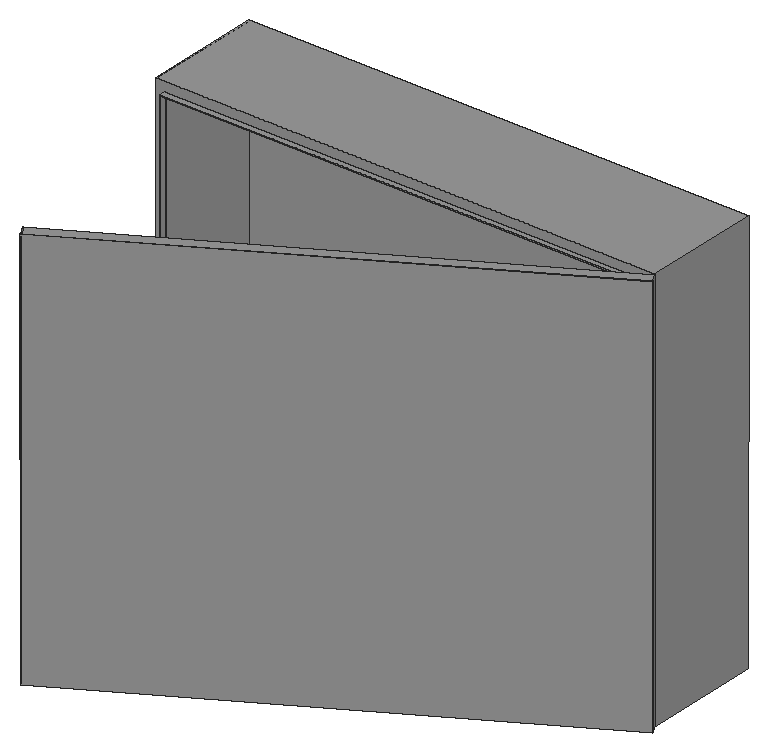
Revit family "Hager-Univers-IP44-D205-H650-Cl.II-Encl-NoHosted-BE-en", category Equipement électrique, Revit 2020
Family settings
  Configuration du panneau = Deux colonnes, circuits au sein
  Cote de connecteur circulaire = Utiliser le diamètre
  Type d'élément = Tableau de raccordement
  Basée sur le plan de construction = Oui
  Toujours verticalement = Oui
  Couper avec des vides une fois chargée = Non
  Partagée = Non
  Point de calcul de pièce = Non
Parameters (values of type "Surface mounted (plaster) IP44 W800 H650 D205  - FP43QS")
  Width Control [instance] = if([EF000008 - Width] > Min Width, [EF000008 - Width], Min Width)  # 800 mm
  Commentaires du type = [HG000003 - Range]  # "Univers"
  Thickness Door [instance] = if([EF009171 - Material plate thickness door/cover] > 3 mm, 3 mm, [EF009171 - Material plate thickness door/cover])  # 1 mm
  Seal Frame Offset [instance] = 17 mm  # constant formula
  Plinth Visibility [instance] = [HG000027 - Plinth height] > 0 mm  # no
  Min Width [instance] = 100 mm  # constant formula
  Min Depth [instance] = (2 * [EF009170 - Material plate thickness cabinet]) + 1 mm  # 3 mm
  Min Height [instance] = 100 mm  # constant formula
  Internal Frame Depth [instance] = (Door System Depth * 0.5)  # 9 mm
  Panel Name [instance] = ""  # (empty or 0)
  Model = ""
  HG000027 - Plinth height = 0 mm
  HG000026 - Floor standing = no
  HG000024 - Bottom section height = 600 mm
  HG000023 - Double section enclosure = no
  HG000016 - Door 3d visibility [instance] = yes
  HG000015 - Clearance visibility [instance] = no
  HG000014 - Door on the right [instance] = yes
  HG000013 - Door on the left [instance] = not([HG000014 - Door on the right])  # no
  HG000012 - Door swing angle [instance] = 30.00°
  HG000010 - Asymmetric doors = no
  HG000009 - Double swing door = no
  HG000006 - Flush mounted = no
  HG000004 - Manufacturer reference = "FP43QS"
  HG000003 - Range = "Univers"
  HG000002 - With door or cover = yes
  Frame Offset Bottom [instance] = 10 mm  # constant formula
  Frame Offset [instance] = 15 mm  # constant formula
  EF015940 - Cover with overpressure release = no
  EF011959 - Degree of protection (NEMA) = ""
  EF009554 - Number of openings for flange plates = 6
  EF009212 - Cover model = "EV000116 - Closed"
  EF009171 - Material plate thickness door/cover = 1 mm
  EF009170 - Material plate thickness cabinet = 1 mm
  EF008873 - Nominal current (In) = 250 A
  EF007800 - Suitable for lightning protection = no
  EF006306 - With lock = no
  EF006244 - Transparent cover/door = no
  EF005474 - Degree of protection (IP) = "EV006418 - IP44"
  EF004464 - Type of door = "EV002646 - Single"
  EF004427 - Number of modules = 144
  EF004293 - Impact strength = "EV006815 - IK09"
  EF003532 - Suitable for outdoor use = no
  EF002950 - Width in number of modular spacings = 36
  EF001613 - Circuit integrity = "EV000494 - None"
  EF001596 - Material housing = "EV000179 - Steel"
  EF001131 - Internal depth = 143 mm
  EF001088 - Extension possible = yes
  EF000437 - Number of conduit inlets = 6
  EF000339 - Type of cover = "EV001012 - Cover"
  EF000266 - Number of rows = 4
  EF000218 - Built-in depth = 0 mm
  EF000118 - With mounting plate = no
  EF000116 - RAL-number = "9010"
  EF000049 - Depth = 205 mm
  EF000040 - Height = 650 mm
  EF000008 - Width = 800 mm
  EF000007 - Colour = "EV000202 - White"
  EF000003 - Mounting method = "EV000384 - Surface mounted (plaster)"
  Door System Leaf Tolerance [instance] = 1.5 mm  # constant formula
  Door System Depth [instance] = 18 mm  # constant formula
  Door Height [instance] = Height Control - [HG000027 - Plinth height]  # 650 mm
  Description = ""
  Default Elevation = 1219.2 mm
  Connector Offset [instance] = Height Control / 2  # 325 mm
  Fabricant = "Hager"  # constant formula
  Height Control [instance] = if([EF000040 - Height] > Min Height, [EF000040 - Height], Min Height)  # 650 mm
  Depth Control [instance] = if([EF000049 - Depth] > Min Depth, [EF000049 - Depth], Min Depth)  # 205 mm
  Bottom Top Plate Trim [instance] = 1.5 mm  # constant formula
  Plinth height Ctrl [instance] = if([HG000027 - Plinth height] > 0 mm, [HG000027 - Plinth height], 12 mm)  # 12 mm
Types (5, lengths in mm): name | Width Control | HG000009 - Double swing door | HG000004 - Manufacturer reference | EF009554 - Number of openings for flange plates | EF004464 - Type of door | EF004427 - Number of modules | EF002950 - Width in number of modular spacings | EF000437 - Number of conduit inlets | EF000008 - Width
  Surface mounted (plaster) IP44 W1050 H650 D205  - FP44QS | 1050 | yes | "FP44QS" | 8 | "EV003602 - Double" | 192 | 48 | 8 | 1050
  Surface mounted (plaster) IP44 W1300 H650 D205  - FP45QS | 1300 | yes | "FP45QS" | 10 | "EV003602 - Double" | 240 | 60 | 10 | 1300
  Surface mounted (plaster) IP44 W300 H650 D205  - FP41QS | 300 | no | "FP41QS" | 2 | "EV002646 - Single" | 48 | 12 | 2 | 300
  Surface mounted (plaster) IP44 W550 H650 D205  - FP42QS | 550 | no | "FP42QS" | 4 | "EV002646 - Single" | 96 | 24 | 4 | 550
  Surface mounted (plaster) IP44 W800 H650 D205  - FP43QS | 800 | no | "FP43QS" | 6 | "EV002646 - Single" | 144 | 36 | 6 | 800
Reference planes
  plane 1 "Center (Front/Back)": y = 0
  plane 2: z = 0
  plane 3 "Center (Left/Right)": x = 0
  plane 4: y = 0
  plane 5: y = 0
  plane 6: z = 0
  plane 7: x = -400
  plane 8: x = 400
  plane 9: x = 399
  plane 10: x = -399
  plane 11: z = 0
  plane 12: z = 1
  plane 13: y = -205
  plane 14: y = -1
  plane 15: x = 0
  plane 16: y = -187
  plane 17: y = -204
  plane 18: y = -186
  plane 19: x = -384
  plane 20: x = 384
  plane 21: z = 11
  plane 22: x = -383
  plane 23: x = 383
  plane 24: z = 0
  plane 25: z = 650
  plane 26: z = 650
  plane 27: z = 634
  plane 28: z = 649
Forms (mm)
  Extrusion 1, solid, material "Hager_Steel_RAL7035_Light_Grey", detail levels medium+fine
    sketch origin (-208.679, -4572, 0) x (-1, 0, 0) y (0, -1, 0)
      loop
        line (191.321, -4385) -> (-608.679, -4385) -> (-608.679, -4572) -> (191.321, -4572) -> (191.321, -4385)
    from 0 to 650
  Extrusion 2, void
    sketch origin (-350.771, -205, 1219.2) x (1, 0, 0) y (0, 0, 1)
      loop
        line (-48.229, -570.2) -> (-48.229, -1218.2) -> (749.771, -1218.2) -> (749.771, -570.2) -> (-48.229, -570.2)
    from -19 to -204
  Extrusion 3, void
    sketch origin (-290.084, -187, 1219.2) x (1, 0, 0) y (0, 0, 1)
      loop
        line (-93.916, -1208.2) -> (674.084, -1208.2) -> (674.084, -585.2) -> (-93.916, -585.2) -> (-93.916, -1208.2)
    from 0 to -1
  Extrusion 4, solid, material "Hager_Steel_RAL7035_Light_Grey", visible <- "Plinth Visibility", detail levels medium+fine
    sketch origin (0, 0, 0) x (1, 0, 0) y (0, 1, 0)
      loop
        line (-400, 0) -> (-400, -187) -> (400, -187) -> (400, 0) -> (-400, 0)
    from 0 to 12 <- "Plinth height Ctrl"
  Extrusion 5, solid, material "Hager_Steel_RAL7035_Light_Grey", detail levels coarse
    sketch origin (0, 0, 0) x (1, 0, 0) y (0, 1, 0)
      loop
        line (-400, 0) -> (-400, -205) -> (400, -205) -> (400, 0) -> (-400, 0)
    from 0 to 650 <- "Height Control"
  Sweep 6, void
    path in 3D
      loop
        line (-400, -187, 12) -> (400, -187, 12) -> (400, 0, 12) -> (-400, 0, 12) -> (-400, -187, 12)
    profile origin (-400, -93.5, 12) x (1, 0, 0) y (0, 0, 1)
      loop
        line (0, 0) -> (0, -1.5) -> (1.5, -1.5)
        arc (1.5, -1.5) -> (1.061, -0.439) -> (0, 0) r 1.5
  Extrusion 7, solid, material "Hager_Steel_RAL7035_Light_Grey", detail levels fine
    sketch origin (-400, -187, 0) x (1, 0, 0) y (0, 0, 1)
      loop
        line (16, 11) -> (784, 11) -> (784, 634) -> (16, 634) -> (16, 11)
      loop
        line (15, 10) -> (785, 10) -> (785, 635) -> (15, 635) -> (15, 10)
    from 0 to 9 <- "Internal Frame Depth"
Cuts and joins
  Extrusion 2, Extrusion 3 cuts Extrusion 1
  Sweep 6 cuts Extrusion 4
Lines and regions (mm)
  Masking region 1
    outline origin (0, 0, 0) x (1, 0, 0) y (0, 1, 0)
      loop
        line (-400, 0) -> (-400, -205) -> (400, -205) -> (400, 0) -> (-400, 0)
  Masking region 2, detail levels coarse
    outline origin (-290.084, -187, 1219.2) x (-1, 0, 0) y (0, 0, 1)
      loop
        line (-690.084, -1219.2) -> (109.916, -1219.2) -> (109.916, -569.2) -> (-690.084, -569.2) -> (-690.084, -1219.2)
  Masking region 3, detail levels coarse
    outline origin (0, 0, 0) x (0, 1, 0) y (0, 0, 1)
      loop
        line (0, 0) -> (0, 650) -> (-205, 650) -> (-205, 0) -> (0, 0)
  Masking region 4, visible <- "Plinth Visibility", detail levels medium+fine
    outline origin (0, 0, 0) x (0, 1, 0) y (0, 0, 1)
      loop
        line (-1.5, 12) -> (-185.5, 12)
        arc (-185.5, 12) -> (-185.939, 10.939) -> (-187, 10.5) r 1.5
        line (-187, 10.5) -> (-187, 0) -> (0, 0) -> (0, 10.5)
        arc (0, 10.5) -> (-1.061, 10.939) -> (-1.5, 12) r 1.5
  Masking region 5, detail levels medium+fine
    outline origin (0, 0, 594.038) x (0, 1, 0) y (0, 0, 1)
      loop
        line (0, -594.038) -> (0, 55.962) -> (-187, 55.962) -> (-187, -594.038) -> (0, -594.038)
  Masking region 6, detail levels medium+fine
    outline origin (-359.7, -187, 1211.883) x (-1, 0, 0) y (0, 0, 1)
      loop
        line (-759.7, -1211.883) -> (40.3, -1211.883) -> (40.3, -561.883) -> (-759.7, -561.883) -> (-759.7, -1211.883)
  Masking region 7, visible <- "Plinth Visibility", detail levels medium+fine
    outline origin (-320.334, -187, 1041.368) x (-1, 0, 0) y (0, 0, 1)
      loop
        line (-720.334, -1041.368) -> (79.666, -1041.368) -> (79.666, -1030.868)
        arc (79.666, -1030.868) -> (78.606, -1030.429) -> (78.166, -1029.368) r 1.5
        line (78.166, -1029.368) -> (-718.834, -1029.368)
        arc (-718.834, -1029.368) -> (-719.273, -1030.429) -> (-720.334, -1030.868) r 1.5
        line (-720.334, -1030.868) -> (-720.334, -1041.368)
  sketch lines
    curve 1: line (-400, 0, 12) -> (-400, -187, 12)
    curve 2: line (-400, -187, 12) -> (400, -187, 12)
    curve 3: line (400, 0, 12) -> (-400, 0, 12)
    curve 4: line (400, -187, 12) -> (400, 0, 12)
Dimensions and locks
  locked: plane 1 "Center (Front/Back)" to plane 5
  "EF009170 - Material plate thickness cabinet": plane 7 to plane 10
  "EF009170 - Material plate thickness cabinet": plane 8 to plane 9
  equal spacing: plane 7, plane 3 "Center (Left/Right)", plane 8
  "Width Control": plane 7 to plane 8
  "Depth Control": plane 4 to plane 13
  "EF009170 - Material plate thickness cabinet": plane 4 to plane 14
  "Height Control": plane 25 to level
  "HG000027 - Plinth height": plane 11 to level
  "EF009170 - Material plate thickness cabinet": plane 12 to plane 11
  "EF009170 - Material plate thickness cabinet": plane 17 to plane 13
  "EF009170 - Material plate thickness cabinet": plane 18 to plane 16
  "Frame Offset Bottom": plane 21 to plane 12
  "Frame Offset": plane 10 to plane 19
  "Frame Offset": plane 9 to plane 20
  "Door System Depth": plane 16 to plane 13
  "Seal Frame Offset": plane 7 to plane 22
  "Seal Frame Offset": plane 8 to plane 23
  "EF009170 - Material plate thickness cabinet": plane 26 to plane 28
  "Frame Offset": plane 28 to plane 27
  "Connector Offset": plane 2 to connector elem
  "Bottom Top Plate Trim": profile plane to Sweep 6 sketch curve
  "Bottom Top Plate Trim": Sweep 6 sketch curve to Sweep 6 sketch curve
  "Plinth height Ctrl": Masking region 4 sketch curve to level
  "Plinth height Ctrl": Masking region 7 sketch curve to level
  "Thickness Door": Extrusion 7 sketch curve to Extrusion 7 sketch curve  (x4)
  "Bottom Top Plate Trim": radius of Sweep 6 sketch curve
  "Bottom Top Plate Trim": radius of Masking region 4 sketch curve  (x2)
  "Bottom Top Plate Trim": radius of Masking region 7 sketch curve  (x2)
  aligned and locked: Extrusion 2 sketch curve to plane 12
  aligned and locked: Extrusion 2 sketch curve to plane 9
  aligned and locked: Extrusion 2 sketch curve to plane 10
  aligned and locked: Extrusion 2 to plane 14
  aligned and locked: Extrusion 1 sketch curve to plane 4
  aligned and locked: plane 8 to Extrusion 1 sketch curve
  aligned and locked: plane 7 to Extrusion 1 sketch curve
  aligned and locked: Extrusion 2 to plane 18
  aligned and locked: Extrusion 3 sketch curve to plane 19
  aligned and locked: plane 20 to Extrusion 3 sketch curve
  aligned and locked: Extrusion 3 to Extrusion 2
  aligned and locked: Extrusion 3 sketch curve to plane 21
  aligned and locked: plane 3 "Center (Left/Right)" to nested 1
  aligned and locked: Extrusion 1 sketch curve to plane 16
  aligned and locked: Extrusion 4 sketch curve to cut or joined group of Extrusion 1, Extrusion 2, Extrusion 3
  aligned and locked: Masking region 1 sketch curve to plane 7
  aligned and locked: Masking region 1 sketch curve to plane 5
  aligned and locked: Masking region 1 sketch curve to plane 8
  aligned and locked: Masking region 2 sketch curve to level
  aligned and locked: level to Masking region 3 sketch curve
  aligned and locked: plane 1 "Center (Front/Back)" to Masking region 3 sketch curve
  aligned and locked: plane 13 to Masking region 3 sketch curve
  aligned and locked: plane 5 to Masking region 4 sketch curve
  aligned and locked: Masking region 2 sketch curve to plane 8
  aligned and locked: Masking region 2 sketch curve to plane 7
  aligned and locked: plane 7 to nested 2
  aligned and locked: nested 2 to plane 5
  aligned and locked: plane 5 to Masking region 5 sketch curve
  aligned and locked: plane 26 to Masking region 5 sketch curve
  aligned and locked: Extrusion 5 sketch curve to plane 8
  aligned and locked: Extrusion 5 sketch curve to plane 7
  aligned and locked: Extrusion 5 sketch curve to plane 5
  aligned and locked: Extrusion 3 sketch curve to plane 27
  aligned and locked: Extrusion 2 sketch curve to plane 28
  aligned and locked: Masking region 2 to plane 25
  aligned and locked: Extrusion 4 to plane 16
  aligned and locked: profile plane to Sweep 6 sketch curve
  aligned and locked: Masking region 5 sketch curve to plane 24
  aligned and locked: level to Masking region 4 sketch curve
  aligned and locked: Masking region 1 to plane 13
  aligned and locked: nested 1 to plane 16
  aligned and locked: Masking region 3 to plane 25
  aligned and locked: plane 16 to Masking region 4 sketch curve
  aligned and locked: Masking region 5 sketch curve to plane 16
  aligned and locked: plane 24 to plane 11
  aligned and locked: plane 26 to plane 25
  aligned and locked: plane 26 to cut or joined group of Extrusion 1, Extrusion 2, Extrusion 3
  aligned and locked: nested 1 to plane 24
  aligned and locked: Extrusion 1 to Extrusion 3
  aligned and locked: Masking region 6 sketch curve to plane 8
  aligned and locked: Masking region 6 sketch curve to plane 24
  aligned and locked: Masking region 6 sketch curve to plane 7
  aligned and locked: Masking region 6 sketch curve to plane 26
  aligned and locked: Masking region 7 sketch curve to plane 7
  aligned and locked: level to Masking region 7 sketch curve
  aligned and locked: Masking region 7 sketch curve to plane 8
  aligned and locked: Extrusion 7 sketch curve to cut or joined group of Extrusion 1, Extrusion 2, Extrusion 3  (x4)
Automatic sketch dimensions
  plane 19 to Extrusion 3 sketch curve = 0 mm
  Extrusion 3 sketch curve to plane 20 = 0 mm
  Extrusion 3 sketch curve to plane 21 = 0 mm
  Extrusion 4 sketch curve to plane 7 = 0 mm
  Extrusion 4 sketch curve to plane 8 = 0 mm
  Extrusion 4 sketch curve to plane 16 = 0 mm
  Masking region 1 sketch curve to plane 13 = 0 mm
  Masking region 2 sketch curve to plane 25 = 0 mm
  Masking region 3 sketch curve to plane 25 = 0 mm
  Extrusion 5 sketch curve to plane 13 = 0 mm
  profile plane to Sweep 6 sketch curve = 0 mm
Nested families
  nested 1: "EC000058_Univers_Door" at (0, -187, 0), Double <- "HG000009 - Double swing door", Transparent <- "EF006244 - Transparent cover/door", Angle <- "HG000012 - Door swing angle", Door_Right <- "HG000014 - Door on the right", Assymetrical <- "HG000010 - Asymmetric doors", Door <- "HG000002 - With door or cover", Width_Ctrl <- "Width Control", 3d_Door <- "HG000016 - Door 3d visibility", Clearance <- "HG000015 - Clearance visibility", Door_Left <- "HG000013 - Door on the left", Width <- "Width Control", Door_Depth <- "Door System Depth", Leaf_Tolerance <- "Door System Leaf Tolerance", Height <- "Door Height", Lock_Visibility <- "EF006306 - With lock", Thickness <- "Thickness Door", type "EC000058_Univers_Door", detail levels medium+fine
    with min_wh 3 mm, Width_Ctrl 800 mm, Width 800 mm, Transparent no, Thickness 1 mm, Seal_Material Hager_Rubber, Lock_Visibility no, Lock_Material Hager_Plastic_RAL9005_Jet_Black, Leaf_Width 800 mm, Leaf_Tolerance_External_Sides 0 mm, Leaf_Tolerance 1.5 mm, Leaf_Offset 0 mm, Leaf_Height 647 mm, Leaf_2_Width 800 mm, Leaf_2_Offset 400 mm, Leaf_1_Width 800 mm, Leaf_1_Offset 400 mm, Height_Ctrl 650 mm, Height 650 mm, Glass_Material Hager_Glass, Double_Clearance_Ctrl no, Double no, Door_Right_Ctrl yes, Door_Right yes, Door_Material Hager_Steel_RAL7035_Light_Grey, Door_Left_Ctrl no, Door_Left no, Door_Depth 18 mm, Door yes, Clearance_Material Hager_Clearance, Clearance_Depth 800 mm, Clearance_Ctrl no, Clearance no, Assymetrical no, Angle 30.00°, 3d_Door yes
  nested 2: "Hager_Enclosure_Symbol" at (-400, 0, 0), Height <- "Depth Control", Width <- "Width Control", type "Hager_Enclosure_Symbol"
    with Width_Ctrl 800 mm, Width 800 mm, Height_Ctrl 205 mm, Height 205 mm, A_Width_Int 13.453 mm, A_Width 161.438 mm, A_Height_Ctrl 179.375 mm, A_Height 179.375 mm
Connectors
  electrical at (0, 0, 325)
    settings: on plane 1 "Center (Front/Back)", index 1, voltage 0 V, apparent load 0 VA, apparent load phase1 0 VA, apparent load phase2 0 VA, apparent load phase3 0 VA, power factor 1, load classification "Other", number of poles 1, system type 30, power factor state 1, is connector primary yes, connector utility no, sub classification motor no, connector description ""
Definition of nested family "EC000058_Univers_Door"
  Parameters (values of type "EC000058_Univers_Door")
    min_wh [instance] = (2 * Thickness) + 1 mm  # 11 mm
    Width_Ctrl [instance] = 400 mm
    Width [instance] = 500 mm
    Transparent [instance] = yes
    Thickness [instance] = 5 mm
    Seal_Material [instance] = none
    Lock_Visibility [instance] = yes
    Lock_Material [instance] = none
    Leaf_Width [instance] = if((Width_Ctrl - 2 * Leaf_Tolerance_External_Sides) > 0 mm, (Width_Ctrl - 2 * Leaf_Tolerance_External_Sides), min_wh)  # 400 mm
    Leaf_Tolerance_External_Sides [instance] = 0 mm  # constant formula
    Leaf_Tolerance [instance] = 1.5 mm
    Leaf_Offset [instance] = 0 mm  # constant formula
    Leaf_Height [instance] = if((Height_Ctrl - 2 * Leaf_Tolerance) > 0 mm, (Height_Ctrl - 2 * Leaf_Tolerance), min_wh)  # 497 mm
    Leaf_2_Width [instance] = if(and(and(Double, Assymetrical), Door_Left), (Leaf_Width / 3) - (Leaf_Tolerance / 2), if(and(and(Double, Assymetrical), Door_Right), (Leaf_Width / 3) * 2 - (Leaf_Tolerance / 2), if(and(Double, not(Assymetrical)), (Leaf_Width / 2) - Leaf_Tolerance, Leaf_Width)))  # 400 mm
    Leaf_2_Offset [instance] = if(and(Double, Assymetrical), Leaf_2_Width / 2, if(and(Double, not(Assymetrical)), Leaf_Width / 4, Leaf_Width / 2))  # 200 mm
    Leaf_1_Width [instance] = if(and(and(Double, Assymetrical), Door_Right), (Leaf_Width / 3) - (Leaf_Tolerance / 2), if(and(and(Double, Assymetrical), Door_Left), (Width / 3) * 2 - (Leaf_Tolerance / 2), if(and(Double, not(Assymetrical)), (Leaf_Width / 2) - Leaf_Tolerance, Leaf_Width)))  # 400 mm
    Leaf_1_Offset [instance] = if(and(Double, Assymetrical), Leaf_1_Width / 2, if(and(Double, not(Assymetrical)), Leaf_Width / 4, Leaf_Width / 2))  # 200 mm
    Height_Ctrl [instance] = if(Height > min_wh, Height, min_wh)  # 500 mm
    Height [instance] = 500 mm
    Glass_Material [instance] = none
    Double_Clearance_Ctrl [instance] = and(Double, Clearance)  # no
    Double [instance] = no
    Door_Right_Ctrl [instance] = and(or(Door_Right, Double), Door)  # yes
    Door_Right [instance] = yes
    Door_Material [instance] = none
    Door_Left_Ctrl [instance] = and(or(Door_Left, Double), Door)  # no
    Door_Left [instance] = no
    Door_Depth [instance] = 30 mm
    Door [instance] = yes
    Default Elevation = 1219.2 mm
    Clearance_Material [instance] = none
    Clearance_Depth [instance] = if(Leaf_1_Width > Leaf_2_Width, Leaf_1_Width, Leaf_2_Width)  # 400 mm
    Clearance_Ctrl [instance] = and(not(Double), Clearance)  # yes
    Clearance [instance] = yes
    Assymetrical [instance] = yes
    Angle [instance] = 30.00°
    3d_Door [instance] = yes
  Reference planes
    plane 1 "Center (Front/Back)": y = 0
    plane 2 "Bottom": z = 0
    plane 3 "Center (Left/Right)": x = 0
    plane 4: z = 500
    plane 5: x = -200
    plane 6: x = 200
    plane 7: z = 500
    plane 8: x = -200
    plane 9: z = 0
    plane 10: x = 200
    plane 11: y = 0
    plane 12: z = 1.5
    plane 13: x = -600
    plane 14: y = -400
    plane 15: x = 600
    plane 16: x = 0
    plane 17: x = 0
    plane 18: x = -200
    plane 19: x = 200
    plane 20: z = 498.5
  Forms (mm)
    Extrusion 1, solid, material <- "Clearance_Material", visible <- "Double_Clearance_Ctrl"
      sketch origin (1200, 0, 0) x (1, 0, 0) y (0, 0, -1)
        loop
          line (-1800, -498.5) -> (-600, -498.5) -> (-600, 0) -> (-1800, 0) -> (-1800, -498.5)
      from 0 to -400
  Dimensions and locks
    equal spacing: plane 5, plane 3 "Center (Left/Right)", plane 6
    "Width_Ctrl": plane 5 to plane 6
    "Leaf_Offset": plane 5 to plane 8
    "Leaf_Offset": plane 6 to plane 10
    "Leaf_Offset": plane 9 to level
    "Leaf_Offset": plane 4 to plane 7
    "Height_Ctrl": plane 4 to level
    "Leaf_Tolerance": plane 12 to plane 9
    locked: plane 11 to plane 1 "Center (Front/Back)"
    "Leaf_1_Offset": plane 18 to plane 16
    "Leaf_2_Offset": plane 17 to plane 19
    "Leaf_1_Width": plane 13 to plane 8
    "Leaf_2_Width": plane 10 to plane 15
    "Clearance_Depth": plane 14 to plane 1 "Center (Front/Back)"
    "Leaf_Tolerance_External_Sides": plane 8 to plane 18
    "Leaf_Tolerance_External_Sides": plane 19 to plane 10
    "Leaf_Tolerance": plane 7 to plane 20
    aligned and locked: level to plane 2 "Bottom"
    aligned and locked: nested 1 to plane 16
    aligned and locked: nested 2 to plane 17
    aligned and locked: Extrusion 1 to plane 13
    aligned and locked: plane 15 to Extrusion 1
    aligned and locked: Extrusion 1 to plane 14
    aligned and locked: plane 12 to nested 1
    aligned and locked: nested 2 to plane 12
    aligned and locked: Extrusion 1 to plane 11
    aligned and locked: plane 20 to Extrusion 1
    aligned and locked: nested 2 to plane 11
    aligned and locked: nested 1 to plane 11
  Automatic sketch dimensions
    Extrusion 1 sketch curve to level = 0 mm
    plane 5 to Extrusion 1 sketch curve = 400 mm
    plane 6 to Extrusion 1 sketch curve = 400 mm
    Extrusion 1 sketch curve to plane 4 = 1.5 mm
  Nested families
    nested 1: "EC000058_Univers_Door_Leaf" at (0, 0, 1.5), Width <- "Leaf_1_Width", visible <- "Door_Left_Ctrl", Leaf_Height <- "Leaf_Height", Angle <- "Angle", 3d_Door <- "3d_Door", Transparent <- "Transparent", Clearance Material <- "Clearance_Material", Clearance <- "Clearance_Ctrl", Door_Material <- "Door_Material", Glass_Material <- "Glass_Material", Door_Depth <- "Door_Depth", Lock_Material <- "Lock_Material", Seal_Material <- "Seal_Material", Lock_Visibility <- "Lock_Visibility", Thickness <- "Thickness", type "EC000058_Univers_Door_Leaf"
      with Width 400 mm, Transparent_Glass_Offset 30 mm, Transparent_Ctrl yes, Transparent yes, Thickness 5 mm, Standard no, Seal_Material none, Seal_D2 8 mm, Seal_D1 1 mm, Offset_Internal_Frame 10 mm, Lock_Width 20 mm, Lock_Visibility_3d yes, Lock_Visibility yes, Lock_Thickness_3 3 mm, Lock_Thickness_2 1 mm, Lock_Thickness_1 3 mm, Lock_Radius_Offset_2 16 mm, Lock_Radius_Offset_1 15 mm, Lock_Radius_2 5 mm, Lock_Radius 6 mm, Lock_Offset 5 mm, Lock_Material none, Lock_Height 80 mm, Lock_Cover_Top_Offset_2d 17 mm, Lock_Cover_Height -65 mm, Leaf_Height 497 mm, Internal_Seal_Thickness 8 mm, Internal_Seal_Depth_2 4.5 mm, Internal_Frame_Depth 25 mm, Glass_Thickness -1 mm, Glass_Offset -2 mm, Glass_Material none, Door_Material none, Door_Depth 30 mm, Clearance Material none, Clearance yes, Angle_Ctrl 30.00°, Angle 30.00°, 3d_Door yes
    nested 2: "EC000058_Univers_Door_Leaf" at (0, 0, 1.5) x (-1, 0, 0) z (0, 0, 1), Width <- "Leaf_2_Width", visible <- "Door_Right_Ctrl", Leaf_Height <- "Leaf_Height", Angle <- "Angle", 3d_Door <- "3d_Door", Transparent <- "Transparent", Clearance Material <- "Clearance_Material", Clearance <- "Clearance_Ctrl", Door_Material <- "Door_Material", Glass_Material <- "Glass_Material", Door_Depth <- "Door_Depth", Lock_Material <- "Lock_Material", Seal_Material <- "Seal_Material", Lock_Visibility <- "Lock_Visibility", Thickness <- "Thickness", type "EC000058_Univers_Door_Leaf"
      with Width 400 mm, Transparent_Glass_Offset 30 mm, Transparent_Ctrl yes, Transparent yes, Thickness 5 mm, Standard no, Seal_Material none, Seal_D2 8 mm, Seal_D1 1 mm, Offset_Internal_Frame 10 mm, Lock_Width 20 mm, Lock_Visibility_3d yes, Lock_Visibility yes, Lock_Thickness_3 3 mm, Lock_Thickness_2 1 mm, Lock_Thickness_1 3 mm, Lock_Radius_Offset_2 16 mm, Lock_Radius_Offset_1 15 mm, Lock_Radius_2 5 mm, Lock_Radius 6 mm, Lock_Offset 5 mm, Lock_Material none, Lock_Height 80 mm, Lock_Cover_Top_Offset_2d 17 mm, Lock_Cover_Height -65 mm, Leaf_Height 497 mm, Internal_Seal_Thickness 8 mm, Internal_Seal_Depth_2 4.5 mm, Internal_Frame_Depth 25 mm, Glass_Thickness -1 mm, Glass_Offset -2 mm, Glass_Material none, Door_Material none, Door_Depth 30 mm, Clearance Material none, Clearance yes, Angle_Ctrl 30.00°, Angle 30.00°, 3d_Door yes
  Definition of nested family "EC000058_Univers_Door_Leaf"
    Parameters (values of type "EC000058_Univers_Door_Leaf")
      Width [instance] = 2000 mm
      Transparent_Glass_Offset [instance] = 30 mm
      Transparent_Ctrl [instance] = and(Transparent, [3d_Door])  # yes
      Transparent [instance] = yes
      Thickness [instance] = 5 mm
      Standard [instance] = and(not(Transparent), [3d_Door])  # no
      Seal_Material [instance] = none
      Seal_D2 [instance] = 8 mm  # constant formula
      Seal_D1 [instance] = 1 mm  # constant formula
      Offset_Internal_Frame [instance] = 10 mm  # constant formula
      Lock_Width [instance] = 20 mm  # constant formula
      Lock_Visibility_3d [instance] = and(Lock_Visibility, [3d_Door])  # yes
      Lock_Visibility [instance] = yes
      Lock_Thickness_3 [instance] = 3 mm  # constant formula
      Lock_Thickness_2 [instance] = 1 mm  # constant formula
      Lock_Thickness_1 [instance] = 3 mm  # constant formula
      Lock_Radius_Offset_2 [instance] = Lock_Radius_Offset_1 + 1 mm  # 16 mm
      Lock_Radius_Offset_1 [instance] = 15 mm  # constant formula
      Lock_Radius_2 [instance] = Lock_Radius - 1 mm  # 5 mm
      Lock_Radius [instance] = 6 mm  # constant formula
      Lock_Offset [instance] = 5 mm  # constant formula
      Lock_Material [instance] = none
      Lock_Height [instance] = 80 mm  # constant formula
      Lock_Cover_Top_Offset_2d [instance] = Lock_Radius_Offset_2 + 1 mm  # 17 mm
      Lock_Cover_Height [instance] = -(Lock_Height - Lock_Radius_Offset_1)  # -65 mm
      Leaf_Height [instance] = 2720.336 mm
      Internal_Seal_Thickness [instance] = 8 mm  # constant formula
      Internal_Seal_Depth_2 [instance] = 4.5 mm  # constant formula
      Internal_Frame_Depth [instance] = if(Door_Depth - Thickness > 5 mm, Door_Depth - Thickness, 5 mm)  # 25 mm
      Glass_Thickness [instance] = if(Thickness > 15 mm, Glass_Offset + 10 mm, -1 mm)  # -1 mm
      Glass_Offset [instance] = if(Thickness > 15 mm, -(Thickness + 10 mm) / 2, -2 mm)  # -2 mm
      Glass_Material [instance] = none
      Door_Material [instance] = none
      Door_Depth [instance] = 30 mm
      Default Elevation = 0 mm
      Clearance Material [instance] = none
      Clearance [instance] = yes
      Angle_Ctrl [instance] = if(Angle > 180.00°, 180.00°, Angle)  # 90.00°
      Angle [instance] = 90.00°
      3d_Door [instance] = yes
    Reference planes
      plane 1 "Center (Front/Back)": y = 0
      plane 2: z = 0
      plane 3 "Center (Left/Right)": x = 0
      plane 4: y = 2000
      plane 5: x = -1000
      plane 6: x = 1000
      plane 7: x = -3000
      plane 8: z = 2720.336
      plane 9: z = 30
      plane 10: z = 2690.336
      plane 11: x = 970
      plane 12: x = -970
      plane 13: y = -3
      plane 14: z = 107.833
      plane 15: y = -5
      plane 16: y = -223.314
      plane 17: x = -1000
      plane 18: z = 1360.168
      plane 19: y = 30
    Forms (mm)
      Extrusion 1, solid, material <- "Clearance Material", visible <- "Clearance"
        sketch origin (0, 0, 0) x (1, 0, 0) y (0, 0, 1)
          loop
            line (-3000, 2720.336) -> (-3000, 0) -> (1000, 0) -> (1000, 2720.336) -> (-3000, 2720.336)
        from 0 to -2000
      Extrusion 2, solid, material <- "Door_Material", visible <- "Standard", detail levels medium+fine
        sketch origin (-1000, 0, 0) x (0, 1, 0) y (-1, 0, 0)
          loop
            line (0, 30) -> (0, 25) -> (2000, 25) -> (2000, 30) -> (0, 30)
        from 0 to 2720.336 <- "Leaf_Height"
      Extrusion 3, solid, material <- "Door_Material", visible <- "Transparent_Ctrl", detail levels medium+fine
        sketch origin (-1000, 0, 0) x (0, 1, 0) y (-1, 0, 0)
          loop
            line (0, 25) -> (2000, 25) -> (2000, 30) -> (0, 30) -> (0, 25)
        from 0 to 2720.336 <- "Leaf_Height"
      Extrusion 4, void
        sketch origin (-1025, 2000, 0) x (0, 1, 0) y (0, 0, -1)
          loop
            line (-30, -2690.336) -> (-30, -30) -> (-1970, -30) -> (-1970, -2690.336) -> (-30, -2690.336)
        from 0 to 5 <- "Thickness"
      Sweep 5, solid, material <- "Seal_Material", visible <- "Transparent_Ctrl", detail levels fine
        path in 3D
          loop
            line (-1025, 30, 30) -> (-1025, 30, 2690.336) -> (-1025, 1970, 2690.336) -> (-1025, 1970, 30) -> (-1025, 30, 30)
        profile origin (-1025, 1000, 30) x (1, 0, 0) y (0, 0, 1)
          loop
            line (0, 0) -> (0, -8) -> (1, -8) -> (1, 0) -> (0, 0)
      Extrusion 6, solid, material <- "Glass_Material", visible <- "Transparent_Ctrl", detail levels medium+fine
        sketch origin (-1030, 0, 0) x (0, 1, 0) y (0, 0, -1)
          loop
            line (1970, -2690.336) -> (1970, -30) -> (30, -30) -> (30, -2690.336) -> (1970, -2690.336)
        from -2 <- "Glass_Offset" to -1 <- "Glass_Thickness"
      Extrusion 7, solid, material <- "Door_Material", visible <- "3d_Door", detail levels medium+fine
        sketch origin (-1025, 2000, 0) x (0, -1, 0) y (0, 0, -1)
          loop
            line (0, -2720.336) -> (2000, -2720.336) -> (2000, 0) -> (0, 0) -> (0, -2720.336)
          loop
            line (1995, -5) -> (5, -5) -> (5, -2715.336) -> (1995, -2715.336) -> (1995, -5)
        from 0 to 25 <- "Internal_Frame_Depth"
      Sweep 8, solid, material <- "Seal_Material", visible <- "Transparent_Ctrl", detail levels fine
        path in 3D
          loop
            line (-1025, 0, 0) -> (-1025, 2000, 0) -> (-1025, 2000, 2720.336) -> (-1025, 0, 2720.336) -> (-1025, 0, 0)
        profile origin (-1025, 0, 1360.168) x (1, 0, 0) y (0, 1, 0)
          loop
            line (0, 10) -> (2.975, 10)
            arc (2.975, 10) -> (4.053, 10.447) -> (4.5, 11.525) r 1.525
            line (4.5, 11.525) -> (4.5, 16.527)
            arc (4.5, 16.527) -> (4.069, 17.569) -> (3.027, 18) r 1.473
            line (3.027, 18) -> (0, 18) -> (0, 10)
      Extrusion 9, solid, material <- "Lock_Material", visible <- "Lock_Visibility_3d", detail levels fine
        sketch origin (-1030, 0, 0) x (0, 1, 0) y (0, 0, -1)
          loop
            arc (1993.5, -1400.168) -> (1994.561, -1399.729) -> (1995, -1398.668) r 1.5
            line (1995, -1398.668) -> (1995, -1320.168) -> (1975, -1320.168) -> (1975, -1398.668)
            arc (1975, -1398.668) -> (1975.439, -1399.729) -> (1976.5, -1400.168) r 1.5
            line (1976.5, -1400.168) -> (1993.5, -1400.168)
        from 3 <- "Lock_Thickness_1" to 0
      Blend 10, solid, material <- "Lock_Material", visible <- "Lock_Visibility_3d", detail levels fine
        base sketch origin (-1033, 0, 0) x (0, 1, 0) y (0, 0, -1)
          loop
            line (1975, -1320.168) -> (1975, -1398.668)
            arc (1975, -1398.668) -> (1975.439, -1399.729) -> (1976.5, -1400.168) r 1.5
            line (1976.5, -1400.168) -> (1993.5, -1400.168)
            arc (1993.5, -1400.168) -> (1994.561, -1399.729) -> (1995, -1398.668) r 1.5
            line (1995, -1398.668) -> (1995, -1320.168) -> (1975, -1320.168)
        top sketch origin (-1033, 0, 0) x (0, 1, 0) y (0, 0, -1)
          loop
            line (1976, -1320.168) -> (1976, -1398.668)
            arc (1976, -1398.668) -> (1976.146, -1399.022) -> (1976.5, -1399.168) r 0.5
            line (1976.5, -1399.168) -> (1993.5, -1399.168)
            arc (1993.5, -1399.168) -> (1993.854, -1399.022) -> (1994, -1398.668) r 0.5
            line (1994, -1398.668) -> (1994, -1320.168) -> (1976, -1320.168)
        from 0 to 1 <- "Lock_Thickness_2"
      Blend 11, solid, material <- "Lock_Material", visible <- "Lock_Visibility_3d", detail levels fine
        base sketch origin (-1034, 0, 0) x (0, 1, 0) y (0, 0, -1)
          loop
            line (1978, -1320.168) -> (1978, -1384.168)
            arc (1978, -1384.168) -> (1985, -1391.168) -> (1992, -1384.168) r 7
            line (1992, -1384.168) -> (1992, -1320.168) -> (1978, -1320.168)
        top sketch origin (-1034, 0, 0) x (0, 1, 0) y (0, 0, -1)
          loop
            line (1991, -1320.168) -> (1979, -1320.168) -> (1979, -1383.168)
            arc (1979, -1383.168) -> (1985, -1389.168) -> (1991, -1383.168) r 6
            line (1991, -1383.168) -> (1991, -1320.168)
        from 0 to 3 <- "Lock_Thickness_3"
      Extrusion 12, solid, material <- "Lock_Material", visible <- "Lock_Visibility_3d", detail levels fine
        sketch origin (-1030, 1975, 1320.168) x (1, 0, 0) y (0, -1, 0)
          loop
            line (-7, -19) -> (-7, -1) -> (0, -1) -> (0, 0) -> (-8, 0) -> (-8, -20) -> (0, -20) -> (0, -19) -> (-7, -19)
        from 0 to -65 <- "Lock_Cover_Height"
      Extrusion 13, void
        sketch origin (-1038, 1995, 1320.168) x (-1, 0, 0) y (0, 0, -1)
          loop
            line (-5, -65) -> (0, -65) -> (-5, -60) -> (-5, -65)
        from 0 to 20 <- "Lock_Width"
      Extrusion 14, void
        sketch origin (-1038, 1975, 1320.168) x (0, -1, 0) y (0, 0, -1)
          loop
            circle (-10, -15.995) r 6
          loop
            circle (-10, -15.995) r 5
        from 0 to 2
      Extrusion 15, solid, material <- "Lock_Material", visible <- "Lock_Visibility_3d", detail levels medium
        sketch origin (-1030, 0, 0) x (0, 1, 0) y (0, 0, -1)
          loop
            arc (1993.5, -1400.168) -> (1994.561, -1399.729) -> (1995, -1398.668) r 1.5
            line (1995, -1398.668) -> (1995, -1320.168) -> (1975, -1320.168) -> (1975, -1398.668)
            arc (1975, -1398.668) -> (1975.439, -1399.729) -> (1976.5, -1400.168) r 1.5
            line (1976.5, -1400.168) -> (1993.5, -1400.168)
        from 8 to 0
    Cuts and joins
      Extrusion 4 cuts Extrusion 3
      Extrusion 13, Extrusion 14 cuts Extrusion 9
      Extrusion 14 cuts Blend 11
      Extrusion 13, Extrusion 14 cuts Extrusion 12
      joined: Extrusion 9, Blend 10, Blend 11, Extrusion 12
      Extrusion 14 cuts Extrusion 15
    Lines and regions (mm)
      Masking region 1, visible <- "Lock_Visibility", detail levels fine
        outline origin (0, 0, 0) x (0, 1, 0) y (0, 0, 1)
          loop
            line (30, 1320.168) -> (33, 1320.168) -> (33, 1400.168) -> (30, 1400.168) -> (30, 1320.168)
      Masking region 2, visible <- "Lock_Visibility", detail levels fine
        outline origin (0, 3.143, 0) x (0, 1, 0) y (0, 0, 1)
          loop
            line (29.857, 1354.168) -> (30.857, 1354.168) -> (30.857, 1366.168) -> (29.857, 1366.168) -> (29.857, 1354.168)
      Masking region 3, detail levels medium+fine
        outline origin (0, 0, 0) x (0, 1, 0) y (0, 0, 1)
          loop
            line (0, 0) -> (30, 0) -> (30, 2720.336) -> (0, 2720.336) -> (0, 0)
      Masking region 4, detail levels medium+fine
        outline origin (0, 0, 0) x (1, 0, 0) y (0, 0, 1)
          loop
            line (-1000, 2720.336) -> (-1000, 0) -> (1000, 0) -> (1000, 2720.336) -> (-1000, 2720.336)
      Masking region 5, visible <- "Lock_Visibility", detail levels fine
        outline origin (-47.116, 0, 0) x (1, 0, 0) y (0, 0, 1)
          loop
            arc (1024.616, 1399.168) -> (1023.556, 1398.729) -> (1023.116, 1397.668) r 1.5
            line (1023.116, 1397.668) -> (1023.116, 1320.168) -> (1041.116, 1320.168) -> (1041.116, 1397.668)
            arc (1041.116, 1397.668) -> (1040.677, 1398.729) -> (1039.616, 1399.168) r 1.5
            line (1039.616, 1399.168) -> (1024.616, 1399.168)
      Masking region 6, visible <- "Lock_Visibility", detail levels medium+fine
        outline origin (-25, 0, 0) x (1, 0, 0) y (0, 0, 1)
          loop
            arc (1001.5, 1400.168) -> (1000.439, 1399.729) -> (1000, 1398.668) r 1.5
            line (1000, 1398.668) -> (1000, 1320.168) -> (1020, 1320.168) -> (1020, 1398.668)
            arc (1020, 1398.668) -> (1019.561, 1399.729) -> (1018.5, 1400.168) r 1.5
            line (1018.5, 1400.168) -> (1001.5, 1400.168)
      Masking region 7, visible <- "Lock_Visibility", detail levels fine
        outline origin (-73.735, 0, 0) x (1, 0, 0) y (0, 0, 1)
          loop
            line (1051.735, 1382.168) -> (1065.735, 1382.168) -> (1065.735, 1384.168)
            arc (1065.735, 1384.168) -> (1058.735, 1391.168) -> (1051.735, 1384.168) r 7
            line (1051.735, 1384.168) -> (1051.735, 1382.168)
      Masking region 8, visible <- "Lock_Visibility", detail levels fine
        outline origin (-73.735, 0, 0) x (1, 0, 0) y (0, 0, 1)
          loop
            line (1052.735, 1382.168) -> (1064.735, 1382.168) -> (1064.735, 1383.168)
            arc (1064.735, 1383.168) -> (1058.735, 1389.168) -> (1052.735, 1383.168) r 6
            line (1052.735, 1383.168) -> (1052.735, 1382.168)
      Masking region 9, visible <- "Lock_Visibility", detail levels fine
        outline origin (-25, 0, 0) x (1, 0, 0) y (0, 0, 1)
          loop
            line (1020, 1320.168) -> (1020, 1382.168) -> (1000, 1382.168) -> (1000, 1320.168) -> (1020, 1320.168)
      Masking region 10, detail levels medium+fine
        outline origin (0, 0, 0) x (1, 0, 0) y (0, 0, 1)
          loop
            circle (985, 1335.144) r 6
      Masking region 11, detail levels fine
        outline origin (0, 0, 0) x (1, 0, 0) y (0, 0, 1)
          loop
            circle (985, 1335.144) r 5
      Masking region 12, visible <- "Lock_Visibility", detail levels fine
        outline origin (0, 12.767, 0) x (0, 1, 0) y (0, 0, 1)
          loop
            line (20.233, 1320.168) -> (21.233, 1320.168) -> (21.233, 1399.168) -> (20.233, 1400.168) -> (20.233, 1320.168)
      Masking region 13, visible <- "Lock_Visibility", detail levels fine
        outline origin (0, 13.767, -10) x (0, 1, 0) y (0, 0, 1)
          loop
            line (20.233, 1330.168) -> (23.233, 1330.168) -> (23.233, 1399.168) -> (20.233, 1402.168) -> (20.233, 1330.168)
      Masking region 14, visible <- "Lock_Visibility", detail levels fine
        outline origin (0, 12.767, -10) x (0, 1, 0) y (0, 0, 1)
          loop
            line (20.233, 1330.168) -> (25.233, 1330.168) -> (25.233, 1399.305) -> (20.233, 1394.305) -> (20.233, 1330.168)
      Masking region 15, visible <- "Lock_Visibility", detail levels medium
        outline origin (0, 0, 0) x (0, 1, 0) y (0, 0, 1)
          loop
            line (30, 1320.168) -> (38, 1320.168) -> (38, 1400.168) -> (30, 1400.168) -> (30, 1320.168)
      Masking region 16, visible <- "Lock_Visibility", detail levels fine
        outline origin (-1000, 0, 0) x (0, 1, 0) y (-1, 0, 0)
          loop
            line (1975, 30) -> (1995, 30) -> (1995, 38) -> (1975, 38) -> (1975, 30)
          loop
            line (1979, 37) -> (1976, 37) -> (1976, 34) -> (1978, 34) -> (1979, 37)
          loop
            line (1994, 37) -> (1991, 37) -> (1992, 34) -> (1994, 34) -> (1994, 37)
      Masking region 17, visible <- "Lock_Visibility", detail levels medium
        outline origin (-1000, 0, 0) x (0, 1, 0) y (-1, 0, 0)
          loop
            line (1975, 30) -> (1995, 30) -> (1995, 38) -> (1975, 38) -> (1975, 30)
      symbolic lines
        curve 1: line (1000, 0, 0) -> (-3000, 0, 0)
        curve 2: arc (1000, 0, 0) -> (-1000, 2000, 0) -> (-3000, 0, 0) r 2000
        curve 4: line (-1030, 0, 0) -> (-1030, 2000, 0)
      reference lines
        curve 3: line (-1000, 0, 0) -> (-1000, 2000, 0)
      symbolic lines, detail levels medium+fine
        curve 5: line (-1030, 2000, 0) -> (-1025, 2000, 0)
        curve 7: line (-1025, 0, 0) -> (-1030, 0, 0)
        curve 8: line (-1025, 0, 0) -> (-1000, 0, 0)
        curve 9: line (-1000, 0, 0) -> (-1000, 2000, 0)
        curve 10: line (-1000, 2000, 0) -> (-1025, 2000, 0)
      symbolic lines, detail levels fine
        curve 6: line (-1025, 2000, 0) -> (-1025, 0, 0)
      sketch lines
        curve 11: line (-1025, 0, 2720.336) -> (-1025, 0, 0)
        curve 12: line (-1025, 2000, 0) -> (-1025, 0, 0)
        curve 13: line (-1025, 2000, 2720.336) -> (-1025, 2000, 0)
        curve 14: line (-1025, 0, 2720.336) -> (-1025, 2000, 2720.336)
        curve 15: line (-1025, 1970, 30) -> (-1025, 30, 30)
        curve 16: line (-1025, 30, 30) -> (-1025, 30, 2690.336)
        curve 17: line (-1025, 1970, 2690.336) -> (-1025, 1970, 30)
        curve 18: line (-1025, 30, 2690.336) -> (-1025, 1970, 2690.336)
      symbolic lines, visible <- "Transparent", detail levels medium+fine
        curve 19: line (-970, 0, 2690.336) -> (970, 0, 2690.336)
        curve 20: line (-970, 0, 30) -> (-970, 0, 2690.336)
        curve 21: line (970, 0, 30) -> (-970, 0, 30)
        curve 22: line (970, 0, 2690.336) -> (970, 0, 30)
    Dimensions and locks
      "Width": plane 1 "Center (Front/Back)" to plane 4
      equal spacing: plane 5, plane 3 "Center (Left/Right)", plane 6
      "Width": plane 5 to plane 6
      "Width": plane 7 to plane 5
      "Leaf_Height": plane 8 to level
      "Width": curve 5 to curve 3
      "Width": curve 3 to curve 3
      plane 8 to plane 10 = 30 mm
      plane 9 to level = 30 mm
      plane 12 to plane 5 = 30 mm
      plane 6 to plane 11 = 30 mm
      Extrusion 1 to Extrusion 4 sketch curve = 30 mm
      "Transparent_Glass_Offset": curve 3 to Extrusion 4 sketch curve
      "Transparent_Glass_Offset": Extrusion 4 sketch curve to cut or joined group of Extrusion 3, Extrusion 4  (x2)
      cut or joined group of Extrusion 3, Extrusion 4 to Extrusion 6 sketch curve = 30 mm
      "Transparent_Glass_Offset": cut or joined group of Extrusion 3, Extrusion 4 to Extrusion 4 sketch curve
      "Thickness": curve 6 to curve 4
      "Thickness": Extrusion 7 sketch curve to Extrusion 7 sketch curve  (x4)
      "Door_Depth": curve 4 to curve 3
      "Offset_Internal_Frame": profile plane to Sweep 8 sketch curve
      "Internal_Seal_Thickness": Sweep 8 sketch curve to Sweep 8 sketch curve
      "Internal_Seal_Depth_2": profile plane to Sweep 8 sketch curve
      "Seal_D1": profile plane to Sweep 5 sketch curve
      "Seal_D2": profile plane to Sweep 5 sketch curve
      "Thickness": Extrusion 2 sketch curve to Extrusion 2 sketch curve
      equal spacing: Extrusion 9 sketch curve, plane 18, Extrusion 9 sketch curve  (x2)
      equal spacing: Masking region 1 sketch curve, plane 18, Masking region 1 sketch curve
      "Lock_Height": Masking region 1 sketch curve to Masking region 1 sketch curve
      "Lock_Radius": Masking region 2 sketch curve to plane 18 to Masking region 2 sketch curve
      Masking region 2 sketch curve to Masking region 1 = 1 mm
      "Door_Depth": plane 19 to plane 1 "Center (Front/Back)"
      "Lock_Thickness_1": Masking region 1 sketch curve to plane 19
      "Lock_Width": Extrusion 9 sketch curve to Extrusion 9 sketch curve
      "Lock_Height": Extrusion 9 sketch curve to Extrusion 9 sketch curve
      "Lock_Offset": cut or joined group of Extrusion 3, Extrusion 4 to Extrusion 9 sketch curve
      equal spacing: plane 8, plane 18, level
      "Lock_Radius_Offset_1": Blend 11 sketch curve to Blend 10
      locked: Blend 10 to Blend 11 sketch curve at 2  (x2)
      locked: var sketch to Blend 11 sketch curve at 1  (x2)
      "Lock_Radius_Offset_2": Blend 11 sketch curve to Blend 10
      locked: Extrusion 12 sketch curve to Extrusion 12 sketch curve at 1  (x3)
      Masking region 6 sketch curve to Masking region 6 sketch curve = 80 mm
      "Lock_Height": Masking region 6 sketch curve to Masking region 6 sketch curve
      "Lock_Width": Masking region 6 sketch curve to Masking region 6 sketch curve
      locked: Masking region 6 to Masking region 5 sketch curve at 1  (x3)
      locked: Masking region 5 to Masking region 7 sketch curve at 2  (x2)
      "Lock_Radius_Offset_1": Masking region 5 to Masking region 7 sketch curve
      "Lock_Radius_Offset_2": Masking region 5 to Masking region 8 sketch curve
      locked: Masking region 7 to Masking region 8 sketch curve at 1  (x2)
      "Lock_Cover_Top_Offset_2d": Masking region 5 to Masking region 9 sketch curve
      equal spacing: Masking region 9, Masking region 10 sketch curve, Masking region 9
      equal spacing: Masking region 9, Masking region 11 sketch curve, Masking region 9
      Extrusion 15 sketch curve to Extrusion 15 sketch curve = 80 mm
      "Lock_Width": Extrusion 15 sketch curve to Extrusion 15 sketch curve
      "Lock_Height": Extrusion 15 sketch curve to Extrusion 15 sketch curve
      equal spacing: Extrusion 15 sketch curve, plane 18, Extrusion 15 sketch curve
      "Lock_Thickness_3": Masking region 13 sketch curve to Masking region 13 sketch curve
      "Lock_Height": Masking region 12 sketch curve to Masking region 12 sketch curve
      locked: Masking region 13 sketch curve to Masking region 1 at 8
      locked: Masking region 14 sketch curve to Masking region 13 at 1
      locked: Masking region 14 sketch curve to Masking region 1 at 10.863
      "Lock_Height": Masking region 15 sketch curve to Masking region 15 sketch curve
      "Lock_Offset": Extrusion 15 sketch curve to cut or joined group of Extrusion 3, Extrusion 4
      "Lock_Offset": plane 6 to Masking region 6 sketch curve
      radius of Sweep 8 sketch curve = 1.525 mm
      radius of Sweep 8 sketch curve = 1.473 mm
      radius of Extrusion 9 sketch curve = 1.5 mm  (x2)
      "Lock_Radius": radius of Extrusion 14 sketch curve
      "Lock_Radius_2": radius of Extrusion 14 sketch curve
      "Lock_Radius": radius of Masking region 10 sketch curve
      "Lock_Radius_2": radius of Masking region 11 sketch curve
      radius of Extrusion 15 sketch curve = 1.5 mm  (x2)
      "Angle_Ctrl": angle plane 1 "Center (Front/Back)" to curve 3
      locked: Masking region 12 sketch curve to Masking region 12 sketch curve (angle 45.00°)
      locked: Masking region 13 sketch curve to Masking region 13 sketch curve (angle 45.00°)
      locked: Masking region 14 sketch curve to Masking region 14 sketch curve (angle 45.00°)
      aligned and locked: level to plane 2
      aligned and locked: Extrusion 1 to curve 1
      aligned and locked: plane 6 to Extrusion 1
      aligned and locked: Extrusion 1 to plane 1 "Center (Front/Back)"
      aligned and locked: plane 4 to Extrusion 1
      aligned and locked: plane 8 to Extrusion 1
      aligned and locked: curve 7 to Extrusion 2 sketch curve
      aligned and locked: curve 5 to Extrusion 2 sketch curve
      aligned and locked: curve 7 to Extrusion 3 sketch curve
      aligned and locked: Extrusion 3 sketch curve to curve 4
      aligned and locked: Extrusion 3 sketch curve to curve 6
      aligned and locked: Extrusion 3 sketch curve to curve 5
      aligned and locked: curve 9 to curve 3
      aligned and locked: Extrusion 7 sketch curve to cut or joined group of Extrusion 3, Extrusion 4  (x4)
      aligned and locked: plane 17 to curve 3
      aligned and locked: plane 1 "Center (Front/Back)" to curve 3
      aligned and locked: plane 17 to plane 5
      aligned and locked: Sweep 8 sketch curve to profile plane
      aligned and locked: Sweep 5 sketch curve to profile plane  (x2)
      aligned and locked: Masking region 1 to Masking region 2 sketch curve
      aligned and locked: plane 19 to Masking region 1 sketch curve
      aligned and locked: plane 1 "Center (Front/Back)" to Masking region 3 sketch curve
      aligned and locked: plane 19 to Masking region 3 sketch curve
      aligned and locked: level to Masking region 3 sketch curve
      aligned and locked: Masking region 3 sketch curve to plane 8
      aligned and locked: plane 17 to Masking region 4 sketch curve
      aligned and locked: level to Masking region 4 sketch curve
      aligned and locked: Masking region 4 sketch curve to plane 8
      aligned and locked: plane 12 to curve 20
      aligned and locked: plane 10 to curve 19
      aligned and locked: plane 11 to curve 22
      aligned and locked: curve 21 to plane 9
      aligned and locked: Extrusion 2 sketch curve to cut or joined group of Extrusion 3, Extrusion 4
      aligned and locked: Blend 10 sketch curve to Extrusion 9  (x4)
      aligned and locked: Extrusion 9 to Blend 10 sketch curve
      aligned and locked: Blend 10 to Blend 11 sketch curve
      aligned and locked: Extrusion 12 sketch curve to Blend 11
      aligned and locked: Extrusion 12 sketch curve to Extrusion 9  (x4)
      aligned and locked: Masking region 5 sketch curve to Masking region 6
      aligned and locked: Masking region 9 sketch curve to Masking region 6  (x3)
      aligned and locked: Masking region 12 sketch curve to Masking region 1
      aligned and locked: Masking region 13 sketch curve to Masking region 1
      aligned and locked: Masking region 12 to Masking region 14
      aligned and locked: Masking region 14 sketch curve to Masking region 1
      aligned and locked: Masking region 15 sketch curve to Masking region 14
      aligned and locked: Masking region 13 sketch curve to Masking region 12
      aligned and locked: Masking region 16 sketch curve to cut or joined group of Extrusion 14, Extrusion 15  (x4)
      aligned and locked: Masking region 16 sketch curve to cut or joined group of Extrusion 9, Blend 10, Blend 11, Extrusion 12, Extrusion 13, Extrusion 14  (x6)
      aligned and locked: cut or joined group of Extrusion 9, Blend 10, Blend 11, Extrusion 12, Extrusion 13, Extrusion 14 to Masking region 16 sketch curve
      aligned and locked: Masking region 17 sketch curve to cut or joined group of Extrusion 14, Extrusion 15  (x3)
      aligned and locked: Masking region 17 sketch curve to cut or joined group of Extrusion 9, Blend 10, Blend 11, Extrusion 12, Extrusion 13, Extrusion 14
      aligned and locked: Masking region 9 to Masking region 8 sketch curve
      aligned and locked: Masking region 9 to Masking region 7 sketch curve
    Automatic sketch dimensions
      plane 1 "Center (Front/Back)" to curve 2 = 0 mm
      curve 2 to plane 5 = 0 mm
      Extrusion 1 sketch curve to level = 0 mm
      Extrusion 1 sketch curve to plane 7 = 0 mm
      Extrusion 1 sketch curve to plane 6 = 0 mm
      Extrusion 1 sketch curve to plane 8 = 0 mm
      Extrusion 3 to Extrusion 6 sketch curve = 30 mm  (x4)
      Masking region 4 sketch curve to plane 6 = 0 mm
      Blend 10 sketch curve to Extrusion 9 = 1.5 mm
      Blend 10 sketch curve to Extrusion 9 = 1 mm
      Extrusion 13 sketch curve to Extrusion 12 = 0 mm  (x2)
      Extrusion 12 to Extrusion 13 sketch curve = 3 mm
      Extrusion 13 sketch curve to Extrusion 12 = 5 mm
      Extrusion 14 sketch curve to Extrusion 14 sketch curve = 0 mm  (x2)
      Extrusion 14 sketch curve to Extrusion 12 = 10 mm
      Extrusion 14 sketch curve to Extrusion 12 = 15.995 mm
      Masking region 5 sketch curve to Masking region 5 sketch curve = 1.5 mm  (x2)
      Masking region 10 sketch curve to plane 18 = 25.024 mm
      Masking region 11 sketch curve to plane 18 = 25.024 mm
      plane 19 to Masking region 14 sketch curve = 3 mm
      Masking region 16 sketch curve to Masking region 16 sketch curve = 3 mm
      curve 4 to curve 3 = 0 mm
      Blend 10 to Blend 11 sketch curve = 0 mm
      Masking region 6 sketch curve to Masking region 6 sketch curve = 1.5 mm  (x2)
      Masking region 6 sketch curve to plane 18 = 40 mm
      plane 19 to Masking region 12 sketch curve = 3 mm
      Masking region 12 sketch curve to Masking region 12 sketch curve = 1 mm
      Masking region 15 sketch curve to plane 19 = 0 mm
      Masking region 15 sketch curve to plane 18 = 40 mm
      radius of Blend 10 sketch curve to Extrusion 9 = 1 mm
Definition of nested family "Hager_Enclosure_Symbol"
  Parameters (values of type "Hager_Enclosure_Symbol")
    Width_Ctrl [instance] = if(Width > 1 mm, Width, 1 mm)  # 102.27 mm
    Width [instance] = 102.27 mm
    Height_Ctrl [instance] = if(Height > 1 mm, Height, 1 mm)  # 66.5 mm
    A_Width_Int [instance] = if(A_Width / 12 > 2 mm, A_Width / 12, 2 mm)  # 4.364 mm
    A_Width [instance] = if(A_Height_Ctrl * 0.9 > 2 mm, A_Height_Ctrl * 0.9, 2 mm)  # 52.369 mm
    A_Height_Ctrl [instance] = if(A_Height > 2 mm, A_Height, 2 mm)  # 58.188 mm
    Height [instance] = 66.5 mm
    A_Height [instance] = Height - (Height / 8)  # 58.188 mm
  Reference planes
    plane 1 "Centre (avant/arrière)": y = 0
    plane 2: z = 0
    plane 3 "Centre (gauche/droite)": x = 0
    plane 4: x = 52.369
    plane 5: y = 33.042
    plane 6: y = 41.77
    plane 7: y = 66.5
    plane 8: x = 26.184
    plane 9: y = 37.406
    plane 10: x = 102.27
    plane 11: y = 66.5
    plane 12: y = 8.313
  Lines and regions (mm)
    Filled region 1, type "Solid_Black", in view "Niveau de réf."
      outline origin (0, 0, 0) x (1, 0, 0) y (0, 1, 0)
        loop
          line (52.369, 66.5) -> (33.188, 54.536) -> (45.365, 45.006) -> (52.369, 66.5)
    Filled region 2, type "Solid_Black", in view "Niveau de réf."
      outline origin (0, 0, 0) x (1, 0, 0) y (0, 1, 0)
        loop
          line (0, 0) -> (102.27, 0) -> (102.27, 66.5) -> (0, 0)
    detail lines, in view "Niveau de réf."
      curve 1: line (0, 8.313, 0) -> (26.184, 41.77, 0)
      curve 2: line (26.184, 41.77, 0) -> (26.184, 33.042, 0)
      curve 3: line (26.184, 33.042, 0) -> (52.369, 66.5, 0)
  Dimensions and locks
    "A_Width": plane 3 "Centre (gauche/droite)" to plane 4
    equal spacing: plane 3 "Centre (gauche/droite)", plane 8, plane 4
    equal spacing: plane 6, plane 9, plane 5
    equal spacing: curve 3, Filled region 1 sketch curve, Filled region 1 sketch curve
    "Height_Ctrl": plane 1 "Centre (avant/arrière)" to plane 11
    "A_Height_Ctrl": plane 11 to plane 12
    equal spacing: plane 11, plane 9, plane 12
    "A_Width_Int": plane 6 to plane 9
    "Width_Ctrl": plane 3 "Centre (gauche/droite)" to plane 10
    angle Filled region 1 sketch curve to curve 3 = 20.00°
    angle curve 3 to Filled region 1 sketch curve = 20.00°
    locked: curve 3 to Filled region 1 sketch curve (angle 90.00°)
    aligned and locked: plane 10 to Filled region 2
    aligned and locked: plane 11 to Filled region 2 sketch curve
    aligned and locked: plane 10 to Filled region 2 sketch curve
    aligned and locked: plane 3 "Centre (gauche/droite)" to curve 1
    aligned and locked: plane 12 to curve 1
    aligned and locked: plane 7 to plane 11
  Automatic sketch dimensions
    Filled region 1 sketch curve to plane 4 = 0 mm
    Filled region 1 sketch curve to plane 7 = 0 mm
    plane 1 "Centre (avant/arrière)" to Filled region 2 sketch curve = 0 mm
    Filled region 2 sketch curve to plane 3 "Centre (gauche/droite)" = 0 mm
    curve 2 to plane 6 = 0 mm
    curve 2 to plane 8 = 0 mm
    curve 3 to plane 4 = 0 mm
    curve 2 to plane 5 = 0 mm
    curve 3 to plane 7 = 0 mm
